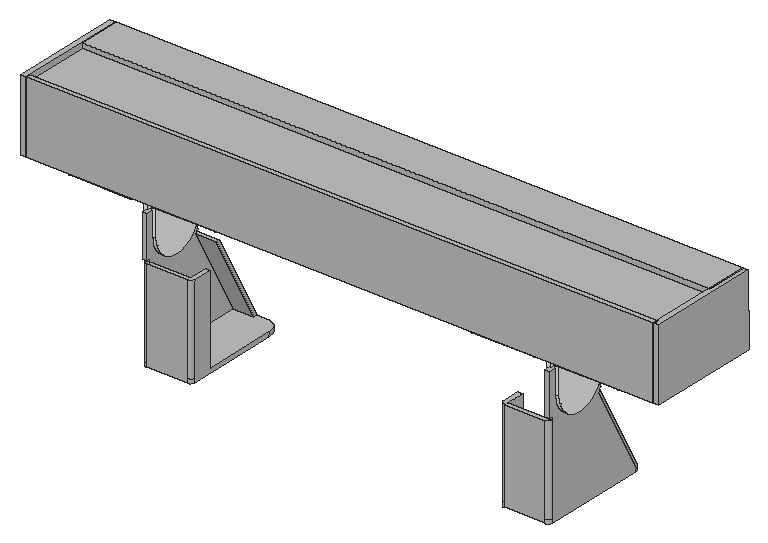
Revit family "4070744+4070747+4070771 Feilo Sylvania Lighting Fixtures CURSUS 306MM 207LM OVAL LED3K with SINGLE WALL HOUSING with 70MM WALL BRACKET", category Lighting Fixtures, host Face, Revit 2017
Family settings
  Host = Face
  Round Connector Dimension = Use Diameter
  Part Type = Normal
  OmniClass Number = 23.80.70.14
  OmniClass Title = Luminaries for External Lighting
  Cut with Voids When Loaded = Yes
  Light Source = No
  Shared = No
  Room Calculation Point = No
Parameters (values of type "4070744 CURSUS 306MM 207LM OVAL LED3K")
  Weight = "0.6 kg"
  Wattage Comments = "n/a"
  WarrantyStartDate [instance] = "n/a"
  WarrantyGuarantorParts = "n/a"
  WarrantyDurationUnit = "n/a"
  WarrantyDurationParts = "n/a"
  WarrantyDescription = "n/a"
  Voltage = 24 V
  URL = "http://www.sylvania-lighting.com"
  TypeName = "CURSUS 306MM 207LM OVAL LED3K"
  TypeFixture_FEILO = CURSUS with SINGLE WALL HOUSING : CURSUS 306MM 207LM OVAL LED3K
  Type Image = <None>
  Type Comments = "n/a"
  TiltAngle [instance] = 0.00°
  StartAngle [instance] = TiltAngle + 270.00°  # 270.00°
  SerialNumber [instance] = "n/a"
  ReflectorMaterial = none
  PowerFactor = 0
  PowerConsumption = "4.5 W"
  NominalLength = 306 mm
  NominalHeight = 50 mm
  NominalDepth = 30 mm
  Name = "CURSUS 306MM 207LM OVAL LED3K"
  ModelReference = Name  # "CURSUS 306MM 207LM OVAL LED3K"
  ModelNumber = "4070744"
  Model = Name  # "CURSUS 306MM 207LM OVAL LED3K"
  Material = "natural anodised extruded aluminium structure housing, optical system with pmma lenses diffuser"
  ManufacturerName = "Feilo Sylvania"
  Manufacturer = "Feilo Sylvania"
  LuminousEfficacy = "46 lm/W"
  LuminaireType = ""
  LightOutputRatio = "100"
  LampsType = Lamp  # "LED"
  LampNominalLuminous = "207 lm"
  LampMacAdamStep = "n/a"
  LampColourTemperature = "3000 K"
  LampColourRenderingIndex = "80"
  Lamp = "LED"
  Keynote = "16500"
  InstallationDate [instance] = "n/a"
  InputVoltage = "24V DC"
  InputNominalFrequency = "n/a"
  IngressProtection = "IP67"
  ImpactProtectionIndex = "IK07"
  IfcExportType = "IfcLightFixtureType"
  IfcExportAs = "IfcLightFixtureType"
  ExpectedLife = 50000
  EndAngle [instance] = StartAngle - 180.00°  # 90.00°
  ElectricShockClassification = "Class III"
  DurationUnit = "hours"
  DocumentationLiterature = "http://www.sylvania-lighting.com/product/en-int/products/4070744"
  DimmingControlOptions = "n/a"
  DiffuserMaterial = Diffuser-Sylvania-Glow
  Description = "LED Exterior Lighting Recessed Surface Mounted Linear Fixture, Natural anodised extruded aluminium structure. Die-cast aluminium end caps. Installation kit with harmonic steel springs., 207 lm, 4,5W, 46lm/W, 3000K, CRI80+,non dimmable,IP67, IK07, (HxWxD) 306x50x30mm, 3 step Mac Adam Ellipse, 0.6kg,, Classe III, 21-25V-DC, energy class : A++, A+, A"
  Default Elevation = 1219.2 mm
  CreatedOn = "1/8/2018"
  CreatedBy = ""
  Cost = 0
  built-in parameter 1114216 [instance] = (empty or 0)
  ClassificationValue = "EF_70_80"
  ClassificationName = "Uniclass2015"
  BracketWidth = 24 mm
  BracketThickness = 2 mm
  BracketHeightEnd = 32 mm
  BracketHeight = 55 mm
  BracketFlange = BracketHeight / 5  # 11 mm
  BracketExtension = 70 mm
  BracketEndReduction = 25 mm
  BracketC = 22 mm  # constant formula
  BracketDistance = 175 mm
  BracketD = BracketHeightEnd - (BracketC * (BracketHeight - BracketHeightEnd) / (BracketExtension - BracketEndReduction))  # 20.756 mm
  BodyMaterial = Body-Sylvania-Gray
  BarCode [instance] = "n/a"
  AssetType = "Fixed"
  AssetIdentifier [instance] = "n/a"
  Assembly Code = "D5020200"
  Apparent Load = 4.5 VA
  AccessoryMaterial = Diffuser-Sylvania-Glow
Reference planes
  plane 1 "Center (Front/Back)": y = 0
  plane 2: z = 0
  plane 3 "Center (Left/Right)": x = 0
  plane 4: x = -99.5
  plane 5: x = 99.5
  plane 6: y = 55
  plane 7: x = -75.5
  plane 8: x = 75.5
  plane 9: z = 70
  plane 10: z = 56
  plane 11: z = 2
  plane 12: z = 45
  plane 13: x = -97.5
  plane 14: y = 53
  plane 15: y = 2
  plane 16: x = -77.5
  plane 17: x = 77.5
  plane 18: x = 97.5
  plane 19: x = -87.5
  plane 20: x = 87.5
  plane 21: y = 11
  plane 22: y = 32
  plane 23: y = 30
  plane 24: z = 67
  plane 25: y = 20.756
  plane 26: y = 16
Forms (mm)
  Blend 1, solid, material "Body-Sylvania-Gray" <- "BodyMaterial"
    base sketch origin (1223.4, -4572, 2) x (0, -1, 0) y (1, 0, 0)
      loop
        line (-4625, -1310.9) -> (-4627, -1310.9) -> (-4627, -1320.9)
        arc (-4627, -1320.9) -> (-4626.414, -1322.314) -> (-4625, -1322.9) r 2
        line (-4625, -1322.9) -> (-4574, -1322.9)
        arc (-4574, -1322.9) -> (-4572.586, -1322.314) -> (-4572, -1320.9) r 2
        line (-4572, -1320.9) -> (-4572, -1300.9)
        arc (-4572, -1300.9) -> (-4572.586, -1299.486) -> (-4574, -1298.9) r 2
        line (-4574, -1298.9) -> (-4583, -1298.9) -> (-4583, -1300.9) -> (-4574, -1300.9) -> (-4574, -1320.9) -> (-4625, -1320.9) -> (-4625, -1310.9)
    top sketch origin (1223.4, -4572, 2) x (0, -1, 0) y (1, 0, 0)
      loop
        line (-4583, -1300.9) -> (-4574, -1300.9) -> (-4574, -1320.9) -> (-4602, -1320.9) -> (-4602, -1310.9) -> (-4604, -1310.9) -> (-4604, -1320.9)
        arc (-4604, -1320.9) -> (-4603.52, -1322.21) -> (-4602.309, -1322.9) r 2.028
        line (-4602.309, -1322.9) -> (-4574, -1322.9)
        arc (-4574, -1322.9) -> (-4572.586, -1322.314) -> (-4572, -1320.9) r 2
        line (-4572, -1320.9) -> (-4572, -1300.9)
        arc (-4572, -1300.9) -> (-4572.586, -1299.486) -> (-4574, -1298.9) r 2
        line (-4574, -1298.9) -> (-4583, -1298.9) -> (-4583, -1300.9)
    from 0 to 43
  Extrusion 2, solid, material "Body-Sylvania-Gray" <- "BodyMaterial"
    sketch origin (0, 0, 0) x (1, 0, 0) y (0, 1, 0)
      loop
        arc (-97.5, 55) -> (-98.914, 54.414) -> (-99.5, 53) r 2
        line (-99.5, 53) -> (-99.5, 2)
        arc (-99.5, 2) -> (-98.914, 0.586) -> (-97.5, 0) r 2
        line (-97.5, 0) -> (-77.5, 0)
        arc (-77.5, 0) -> (-76.086, 0.586) -> (-75.5, 2) r 2
        line (-75.5, 2) -> (-75.5, 47.5)
        arc (-75.5, 47.5) -> (-77.697, 52.803) -> (-83, 55) r 7.5
        line (-83, 55) -> (-97.5, 55)
      loop
        line (97.5, 55) -> (83, 55)
        arc (83, 55) -> (77.697, 52.803) -> (75.5, 47.5) r 7.5
        line (75.5, 47.5) -> (75.5, 2)
        arc (75.5, 2) -> (76.086, 0.586) -> (77.5, 0) r 2
        line (77.5, 0) -> (97.5, 0)
        arc (97.5, 0) -> (98.914, 0.586) -> (99.5, 2) r 2
        line (99.5, 2) -> (99.5, 53)
        arc (99.5, 53) -> (98.914, 54.414) -> (97.5, 55) r 2
    from 0 to 2
  Blend 3, solid, material "Body-Sylvania-Gray" <- "BodyMaterial"
    base sketch origin (1223.4, -4572, 2) x (0, -1, 0) y (1, 0, 0)
      loop
        line (-4625, -1125.9) -> (-4574, -1125.9) -> (-4574, -1145.9) -> (-4583, -1145.9) -> (-4583, -1147.9) -> (-4574, -1147.9)
        arc (-4574, -1147.9) -> (-4572.586, -1147.314) -> (-4572, -1145.9) r 2
        line (-4572, -1145.9) -> (-4572, -1125.9)
        arc (-4572, -1125.9) -> (-4572.586, -1124.486) -> (-4574, -1123.9) r 2
        line (-4574, -1123.9) -> (-4625, -1123.9)
        arc (-4625, -1123.9) -> (-4626.414, -1124.486) -> (-4627, -1125.9) r 2
        line (-4627, -1125.9) -> (-4627, -1135.9) -> (-4625, -1135.9) -> (-4625, -1125.9)
    top sketch origin (1223.4, -4572, 2) x (0, -1, 0) y (1, 0, 0)
      loop
        line (-4602, -1135.9) -> (-4602, -1125.9) -> (-4574, -1125.9) -> (-4574, -1145.9) -> (-4583, -1145.9) -> (-4583, -1147.9) -> (-4574, -1147.9)
        arc (-4574, -1147.9) -> (-4572.586, -1147.314) -> (-4572, -1145.9) r 2
        line (-4572, -1145.9) -> (-4572, -1125.9)
        arc (-4572, -1125.9) -> (-4572.586, -1124.486) -> (-4574, -1123.9) r 2
        line (-4574, -1123.9) -> (-4602, -1123.9)
        arc (-4602, -1123.9) -> (-4603.414, -1124.486) -> (-4604, -1125.9) r 2
        line (-4604, -1125.9) -> (-4604, -1135.9) -> (-4602, -1135.9)
    from 0 to 43
  Blend 4, solid, material "Body-Sylvania-Gray" <- "BodyMaterial"
    base sketch origin (1223.4, -4572, 45) x (0, -1, 0) y (1, 0, 0)
      loop
        line (-4604, -1322.9) -> (-4572, -1322.9) -> (-4572, -1320.9) -> (-4604, -1320.9) -> (-4604, -1322.9)
    top sketch origin (1223.4, -4572, 45) x (0, -1, 0) y (1, 0, 0)
      loop
        line (-4572, -1322.9) -> (-4572, -1320.9) -> (-4592.756, -1320.9) -> (-4592.756, -1322.9) -> (-4572, -1322.9)
    from 0 to 22
  Blend 5, solid, material "Body-Sylvania-Gray" <- "BodyMaterial"
    base sketch origin (1223.4, -4572, 45) x (0, -1, 0) y (1, 0, 0)
      loop
        line (-4604, -1125.9) -> (-4572, -1125.9) -> (-4572, -1123.9) -> (-4604, -1123.9) -> (-4604, -1125.9)
    top sketch origin (1223.4, -4572, 45) x (0, -1, 0) y (1, 0, 0)
      loop
        line (-4572, -1123.9) -> (-4592.756, -1123.9) -> (-4592.756, -1125.9) -> (-4572, -1125.9) -> (-4572, -1123.9)
    from 0 to 22
  Extrusion 6, void
    sketch origin (0, 0, 0) x (0, 1, 0) y (0, 0, 1)
      loop
        line (0, 45) -> (2, 45) -> (2, 46.5) -> (0, 46.5) -> (0, 45)
      loop
        line (32, 45) -> (32, 46.5) -> (30, 46.5) -> (30, 45) -> (32, 45)
    from -99.5 to 99.5
  Revolve 7, solid, not visible
    sketch origin (1524, 16, 1219.2) x (1, 0, 0) y (0, 0, 1)
      loop
        line (-1524, -1152.2) -> (-1524, -1163.2) -> (-1436.5, -1163.2) -> (-1436.5, -1152.2) -> (-1524, -1152.2)
      axis (-1436.5, -1163.2) -> (-1524, -1163.2)
    angle from 270 <- "StartAngle" to 90 <- "EndAngle"
Cuts and joins
  Extrusion 6 cuts Blend 4
  Extrusion 6 cuts Blend 5
  joined: Blend 1, Extrusion 2, Blend 3, Blend 4, Blend 5
Lines and regions (mm)
  reference lines, not visible
    curve 1: line (-75.5, 16, 56) -> (75.5, 16, 56)
Dimensions and locks
  equal spacing: plane 4, plane 3 "Center (Left/Right)", plane 5
  "BracketDistance": plane 19 to plane 20
  "BracketHeight": plane 1 "Center (Front/Back)" to plane 6
  equal spacing: plane 7, plane 3 "Center (Left/Right)", plane 8
  "BracketWidth": plane 4 to plane 7
  "BracketExtension": plane 9 to plane 2
  "BracketThickness": plane 11 to plane 2
  "BracketEndReduction": plane 9 to plane 12
  equal spacing: plane 13, plane 3 "Center (Left/Right)", plane 18
  equal spacing: plane 16, plane 3 "Center (Left/Right)", plane 17
  "BracketThickness": plane 4 to plane 13
  "BracketThickness": plane 16 to plane 7
  "BracketThickness": plane 14 to plane 6
  "BracketThickness": plane 1 "Center (Front/Back)" to plane 15
  equal spacing: plane 4, plane 19, plane 7
  equal spacing: plane 8, plane 20, plane 5
  "BracketFlange": plane 1 "Center (Front/Back)" to plane 21
  "BracketHeightEnd": plane 1 "Center (Front/Back)" to plane 22
  "BracketThickness": plane 23 to plane 22
  locked: Extrusion 2 sketch curve to plane 7 at 7.5
  locked: Extrusion 2 sketch curve to plane 6 at 7.5  (x2)
  locked: plane 8 to Extrusion 2 sketch curve at 7.5
  "BracketC": plane 24 to plane 12
  "BracketD": plane 1 "Center (Front/Back)" to plane 25
  locked: plane 12 to Extrusion 6 sketch curve at 1.5
  equal spacing: plane 24, plane 10, plane 12
  equal spacing: plane 1 "Center (Front/Back)", plane 26, plane 22
  aligned and locked: plane 2 to host face
  aligned and locked: level to host face
  aligned and locked: plane 4 to Blend 1 sketch curve  (x2)
  aligned and locked: plane 13 to Blend 1 sketch curve  (x3)
  aligned and locked: Blend 1 sketch curve to plane 15
  aligned and locked: Blend 1 sketch curve to plane 16
  aligned and locked: Blend 1 sketch curve to plane 21
  aligned and locked: plane 7 to Blend 1 sketch curve
  aligned and locked: plane 16 to Blend 1 sketch curve
  aligned and locked: plane 1 "Center (Front/Back)" to Blend 1 sketch curve
  aligned and locked: plane 14 to Blend 1 sketch curve
  aligned and locked: Blend 1 sketch curve to var sketch  (x6)
  aligned and locked: Blend 1 sketch curve to plane 19
  aligned and locked: Blend 1 sketch curve to plane 22
  aligned and locked: plane 23 to Blend 1 sketch curve
  aligned and locked: plane 11 to Blend 1
  aligned and locked: Extrusion 2 sketch curve to Blend 1  (x3)
  aligned and locked: Extrusion 2 to level
  aligned and locked: Extrusion 2 to plane 11
  aligned and locked: Extrusion 2 sketch curve to plane 7
  aligned and locked: plane 18 to Blend 3 sketch curve  (x4)
  aligned and locked: plane 14 to Blend 3 sketch curve  (x2)
  aligned and locked: Blend 3 sketch curve to plane 20
  aligned and locked: Blend 3 sketch curve to plane 6
  aligned and locked: plane 5 to Blend 3 sketch curve
  aligned and locked: plane 1 "Center (Front/Back)" to Blend 3 sketch curve
  aligned and locked: plane 15 to Blend 3 sketch curve  (x2)
  aligned and locked: Blend 3 sketch curve to plane 8
  aligned and locked: Blend 3 sketch curve to plane 21
  aligned and locked: plane 17 to Blend 3 sketch curve
  aligned and locked: Blend 3 sketch curve to plane 18
  aligned and locked: plane 20 to Blend 3 sketch curve  (x2)
  aligned and locked: Blend 3 sketch curve to plane 23
  aligned and locked: Blend 3 sketch curve to var sketch  (x8)
  aligned and locked: var sketch to Blend 3 sketch curve
  aligned and locked: plane 22 to Blend 3 sketch curve
  aligned and locked: plane 11 to Blend 3
  aligned and locked: Extrusion 2 sketch curve to Blend 3  (x4)
  aligned and locked: Blend 1 to plane 12
  aligned and locked: Blend 3 to plane 12
  aligned and locked: Blend 4 sketch curve to plane 22
  aligned and locked: Blend 4 sketch curve to cut or joined group of Blend 1, Extrusion 2, Blend 3, Blend 4, Blend 5, Extrusion 6  (x2)
  aligned and locked: cut or joined group of Blend 1, Extrusion 2, Blend 3, Blend 4, Blend 5, Extrusion 6 to Blend 4 sketch curve
  aligned and locked: Blend 4 sketch curve to var sketch  (x2)
  aligned and locked: Blend 4 sketch curve to plane 13
  aligned and locked: Blend 4 to plane 24
  aligned and locked: Blend 4 sketch curve to plane 25
  aligned and locked: Blend 5 sketch curve to plane 18  (x2)
  aligned and locked: plane 1 "Center (Front/Back)" to Blend 5 sketch curve
  aligned and locked: plane 5 to Blend 5 sketch curve
  aligned and locked: plane 22 to Blend 5 sketch curve
  aligned and locked: Blend 5 sketch curve to var sketch
  aligned and locked: var sketch to Blend 5 sketch curve
  aligned and locked: Blend 5 sketch curve to plane 25
  aligned and locked: Blend 5 to plane 24
  aligned and locked: plane 12 to Blend 5
  aligned and locked: Extrusion 6 sketch curve to cut or joined group of Blend 1, Extrusion 2, Blend 3, Blend 4, Blend 5, Extrusion 6  (x2)
  aligned and locked: Extrusion 6 sketch curve to Extrusion 6 sketch curve
  aligned and locked: Extrusion 6 sketch curve to plane 15
  aligned and locked: plane 5 to Extrusion 6
  aligned and locked: Extrusion 6 to plane 4
  aligned and locked: Extrusion 6 sketch curve to plane 23
  aligned and locked: Revolve 7 sketch curve to plane 10  (x2)
  aligned and locked: plane 24 to Revolve 7 sketch curve
  aligned and locked: plane 3 "Center (Left/Right)" to Revolve 7 sketch curve
  aligned and locked: Revolve 7 sketch curve to plane 20
  aligned and locked: plane 7 to curve 1
  aligned and locked: plane 10 to curve 1
  aligned and locked: nested 1 to plane 5
  aligned and locked: nested 2 to plane 4
  aligned and locked: nested 1 to curve 1
  aligned and locked: nested 2 to curve 1
  aligned and locked: nested 1 to nested 3
  aligned and locked: nested 3 to plane 3 "Center (Left/Right)"
Automatic sketch dimensions
  host sketch curve to host sketch curve = 2438.4 mm  (x2)
  Blend 1 sketch curve to plane 13 = 0 mm
  plane 15 to Blend 1 sketch curve = 0 mm  (x3)
  Blend 1 sketch curve to plane 23 = 0.309 mm
  plane 6 to Blend 1 sketch curve = 0 mm
  plane 14 to Blend 1 sketch curve = 0 mm
  Blend 1 sketch curve to plane 19 = 0 mm
  Blend 3 sketch curve to plane 17 = 0 mm
  Extrusion 6 sketch curve to plane 1 "Center (Front/Back)" = 0 mm
  plane 12 to Extrusion 6 sketch curve = 0 mm
  Revolve 7 sketch curve to plane 4 = 1153 mm
  plane 5 to Revolve 7 sketch curve = 1161.4 mm
  curve 1 to plane 8 = 0 mm
Nested families
  nested 1: "MountingPlate" at (98.5, 16, 56) x (-1, 0, 0) z (0, 0, 1), type "MountingPlate"
  nested 2: "MountingPlate" at (-98.5, 16, 56) x (-1, 0, 0) z (0, 0, 1), type "MountingPlate"
  nested 3: "CURSUS with SINGLE WALL HOUSING" at (0, -4, 74) x (-1, 0, 0) z (0, 0, 1), type <- "TypeFixture_FEILO", type "CURSUS 306MM 207LM OVAL LED3K"
    with WarrantyStartDate "n/a", SerialNumber "n/a", InstallationDate "n/a", EndCapRight yes, EndCapLeft yes, built-in parameter 1114216 (empty or 0), BarCode "n/a", AssetIdentifier "n/a"
Connectors
  electrical at (0, 0, 0), driven by "Voltage", driven by "Apparent Load", driven by "PowerFactor"
    settings: index 1, voltage 24 V, apparent load 4.5 VA, apparent load phase1 0 VA, apparent load phase2 0 VA, apparent load phase3 0 VA, power factor 0, load classification "Other", number of poles 1, system type 30, power factor state 1, is connector primary yes, connector utility no, sub classification motor no, connector description ""
Definition of nested family "MountingPlate"
  Parameters (values of type "MountingPlate")
    URL = "http://www.feilosylvania.com"
    Type Comments = "n/a"
    ReflectorMaterial = none
    MountingPlateWidth = 76 mm
    MountingPlateThickness = 2 mm
    MountingPlateRadiusBack = 12 mm
    MountingPlateRadius = 3 mm
    MountingPlateHeight = 35 mm
    Model = "n/a"
    Manufacturer = "Feilo Sylvania"
    Keynote = "n/a"
    DiffuserMaterial = none
    Description = "n/a"
    Default Elevation = 1219.2 mm
    Cost = 0
    BodyMaterial = none
    Assembly Code = "n/a"
    AccessoryMaterial = none
  Reference planes
    plane 1 "Center (Front/Back)": y = 0
    plane 2: z = 0
    plane 3 "Center (Left/Right)": x = 0
    plane 4: x = -38
    plane 5: x = 38
    plane 6: y = 17.5
    plane 7: y = -17.5
    plane 8: x = -3
    plane 9: x = 3
    plane 10: z = 18
    plane 11: z = 16
    plane 12: y = 12.5
    plane 13: y = -12.5
    plane 14: x = -1
    plane 15: x = 1
    plane 16: z = -12.5
    plane 17: z = -14.5
  Forms (mm)
    Extrusion 1, solid
      sketch origin (1.653, 0, 0) x (1, 0, 0) y (0, 1, 0)
        loop
          line (-1219.2, 1219.2) -> (-1219.2, -1219.2) -> (1219.2, -1219.2) -> (1219.2, 1219.2) -> (-1219.2, 1219.2)
      from 0 to -304.8
    Extrusion 2, solid, material <- "BodyMaterial"
      sketch origin (1218.4, -4572, 16) x (0, -1, 0) y (-1, 0, 0)
        loop
          line (-4589.5, 1253.4) -> (-4589.5, 1224.4)
          arc (-4589.5, 1224.4) -> (-4588.621, 1222.279) -> (-4586.5, 1221.4) r 3
          line (-4586.5, 1221.4) -> (-4557.5, 1221.4)
          arc (-4557.5, 1221.4) -> (-4555.379, 1222.279) -> (-4554.5, 1224.4) r 3
          line (-4554.5, 1224.4) -> (-4554.5, 1253.4)
          arc (-4554.5, 1253.4) -> (-4555.379, 1255.521) -> (-4557.5, 1256.4) r 3
          line (-4557.5, 1256.4) -> (-4586.5, 1256.4)
          arc (-4586.5, 1256.4) -> (-4588.621, 1255.521) -> (-4589.5, 1253.4) r 3
        loop
          arc (-4589.5, 1183.4) -> (-4588.621, 1181.279) -> (-4586.5, 1180.4) r 3
          line (-4586.5, 1180.4) -> (-4557.5, 1180.4)
          arc (-4557.5, 1180.4) -> (-4555.379, 1181.279) -> (-4554.5, 1183.4) r 3
          line (-4554.5, 1183.4) -> (-4554.5, 1212.4)
          arc (-4554.5, 1212.4) -> (-4555.379, 1214.521) -> (-4557.5, 1215.4) r 3
          line (-4557.5, 1215.4) -> (-4586.5, 1215.4)
          arc (-4586.5, 1215.4) -> (-4588.621, 1214.521) -> (-4589.5, 1212.4) r 3
          line (-4589.5, 1212.4) -> (-4589.5, 1183.4)
      from 0 to -2
    Extrusion 3, solid, material <- "BodyMaterial"
      sketch origin (0, 0, 0) x (1, 0, 0) y (0, 0, 1)
        loop
          line (-3, 18) -> (-3, -12.5) -> (-1, -12.5) -> (-1, 16)
          arc (-1, 16) -> (-1.586, 17.414) -> (-3, 18) r 2
        loop
          line (3, -12.5) -> (3, 18)
          arc (3, 18) -> (1.586, 17.414) -> (1, 16) r 2
          line (1, 16) -> (1, -12.5) -> (3, -12.5)
      from -12.5 to 12.5
    Extrusion 4, void
      sketch origin (0, 0, 0) x (0, 1, 0) y (0, 0, 1)
        loop
          line (-12.5, -0.5) -> (-17.5, -0.5) -> (-17.5, -14.5) -> (-0.5, -14.5) -> (-0.5, -12.5)
          arc (-0.5, -12.5) -> (-8.985, -8.985) -> (-12.5, -0.5) r 12
        loop
          line (0.5, -12.5) -> (0.5, -14.5) -> (17.5, -14.5) -> (17.5, -0.5) -> (12.5, -0.5)
          arc (12.5, -0.5) -> (8.985, -8.985) -> (0.5, -12.5) r 12
      from -3 to 3
  Cuts and joins
    Extrusion 4 cuts Extrusion 2
    Extrusion 4 cuts Extrusion 3
    joined: Extrusion 2, Extrusion 3
  Lines and regions (mm)
    reference lines
      curve 1: line (-38, 0, 0) -> (38, 0, 0)
  Dimensions and locks
    equal spacing: plane 4, plane 3 "Center (Left/Right)", plane 5
    "MountingPlateWidth": plane 4 to plane 5
    equal spacing: plane 7, plane 1 "Center (Front/Back)", plane 6
    "MountingPlateHeight": plane 7 to plane 6
    equal spacing: plane 8, plane 3 "Center (Left/Right)", plane 9
    "MountingPlateHeight": plane 4 to plane 8
    locked: plane 10 to plane 2 at 18
    "MountingPlateThickness": plane 10 to plane 11
    equal spacing: plane 13, plane 1 "Center (Front/Back)", plane 12
    locked: plane 13 to plane 12 at 25
    "MountingPlateRadius": plane 4 to Extrusion 2 sketch curve  (x2)
    "MountingPlateRadius": Extrusion 2 sketch curve to plane 6  (x4)
    "MountingPlateRadius": Extrusion 2 sketch curve to plane 8  (x2)
    "MountingPlateRadius": plane 7 to Extrusion 2 sketch curve  (x4)
    "MountingPlateRadius": plane 9 to Extrusion 2 sketch curve  (x2)
    "MountingPlateRadius": Extrusion 2 sketch curve to plane 5  (x2)
    equal spacing: plane 15, plane 3 "Center (Left/Right)", plane 14
    "MountingPlateThickness": plane 14 to plane 8
    locked: plane 2 to plane 16 at 12.5
    locked: plane 17 to plane 16 at 2
    "MountingPlateRadiusBack": plane 13 to Extrusion 4 sketch curve
    "MountingPlateRadiusBack": plane 16 to Extrusion 4 sketch curve  (x2)
    "MountingPlateRadiusBack": Extrusion 4 sketch curve to plane 12
    aligned and locked: plane 2 to Extrusion 1
    aligned and locked: level to Extrusion 1
    aligned and locked: Extrusion 2 sketch curve to plane 6
    aligned and locked: Extrusion 2 sketch curve to plane 4
    aligned and locked: plane 7 to Extrusion 2 sketch curve
    aligned and locked: plane 8 to Extrusion 2 sketch curve
    aligned and locked: plane 6 to Extrusion 2 sketch curve
    aligned and locked: Extrusion 2 sketch curve to plane 5
    aligned and locked: Extrusion 2 sketch curve to plane 7
    aligned and locked: plane 9 to Extrusion 2 sketch curve
    aligned and locked: Extrusion 2 to plane 10
    aligned and locked: plane 11 to Extrusion 2
    aligned and locked: Extrusion 3 sketch curve to Extrusion 2  (x2)
    aligned and locked: plane 16 to Extrusion 3 sketch curve  (x2)
    aligned and locked: plane 14 to Extrusion 3 sketch curve
    aligned and locked: plane 9 to Extrusion 3 sketch curve
    aligned and locked: plane 15 to Extrusion 3 sketch curve
    aligned and locked: Extrusion 3 to plane 12
    aligned and locked: plane 13 to Extrusion 3
    aligned and locked: plane 17 to Extrusion 4 sketch curve  (x2)
    aligned and locked: Extrusion 4 sketch curve to plane 7
    aligned and locked: Extrusion 4 sketch curve to plane 6
    aligned and locked: plane 9 to Extrusion 4
    aligned and locked: Extrusion 4 to plane 8
    aligned and locked: plane 4 to curve 1
    aligned and locked: curve 1 to level
  Automatic sketch dimensions
    Extrusion 1 sketch curve to Extrusion 1 sketch curve = 2438.4 mm  (x2)
    Extrusion 3 sketch curve to plane 11 = 0 mm
    curve 1 to plane 5 = 0 mm
    Extrusion 4 sketch curve to plane 13 = 0 mm
    Extrusion 4 sketch curve to plane 12 = 0 mm
Definition of nested family "CURSUS with SINGLE WALL HOUSING"
  Parameters (values of type "CURSUS 1161MM 827LM OVAL LED 3K")
    Width_FEILO = 35 mm
    Weight = "2.2 kg"
    Wattage Comments = "n/a"
    Wattage = 18 W
    WarrantyStartDate [instance] = "n/a"
    WarrantyGuarantorParts = "n/a"
    WarrantyDurationUnit = "n/a"
    WarrantyDurationParts = "n/a"
    WarrantyDescription = "n/a"
    WallThickness_FEILO = 2.5 mm
    built-in parameter 1150110 = 1 (stored number, unit not read)
    Voltage = 24 V
    URL = "http://www.feilosylvania.com"
    TypeName = "CURSUS 1161MM 827LM OVAL LED 3K"
    Type Image = (empty or 0)
    Type Comments = "n/a"
    built-in parameter 1114217 = 1 (stored number, unit not read)
    Tilt Angle = -90.00°
    built-in parameter 1150109 = 1 (stored number, unit not read)
    built-in parameter 1150134 = (empty or 0)
    built-in parameter 1150113 = 1 (stored number, unit not read)
    SerialNumber [instance] = "n/a"
    ReflectorMaterial = none
    PowerFactor = 0
    PowerConsumption = "18 W"
    Photometric Web File = "4070765.ies"
    NominalLength = 1161 mm
    NominalHeight = 50 mm
    NominalDepth = 30 mm
    Name = "CURSUS 1161MM 827LM OVAL LED 3K"
    ModelReference = Name  # "CURSUS 1161MM 827LM OVAL LED 3K"
    ModelNumber = ""
    Model = Name  # "CURSUS 1161MM 827LM OVAL LED 3K"
    Material = "natural anodised extruded aluminium structure housing, optical system with pmma lenses diffuser"
    ManufacturerName = "Feilo Sylvania"
    Manufacturer = "Feilo Sylvania"
    LuminousEfficacy = "45.94 lm/W"
    built-in parameter 1150105 = 1166.5 (stored number, unit not read)
    Lumens = 827 lm
    LuminaireType = ""
    built-in parameter 1150115 = 1 (stored number, unit not read)
    LightOutputRatio = "100"
    built-in parameter 1150137 = (empty or 0)
    built-in parameter 1150139 = (empty or 0)
    Length_FEILO = 1167 mm
    LampsType = Lamp  # "LED"
    LampNominalLuminous = "827 lm"
    LampMacAdamStep = "n/a"
    LampColourTemperature = "3000 K"
    LampColourRenderingIndex = "80"
    built-in parameter 1150112 = 1 (stored number, unit not read)
    built-in parameter 1150114 = 1 (stored number, unit not read)
    Lamp = "LED"
    Keynote = "16500"
    InstallationDate [instance] = "n/a"
    InputVoltage = "24V DC"
    InputNominalFrequency = "n/a"
    built-in parameter 1150132 = (empty or 0)
    built-in parameter 1150102 = (empty or 0)
    built-in parameter 1150107 = 3000 (stored number, unit not read)
    built-in parameter 1150138 = (empty or 0)
    IngressProtection = "IP67"
    ImpactProtectionIndex = "IK07"
    built-in parameter 1150106 = 11.665 (stored number, unit not read)
    IfcExportType = "IfcLightFixtureType"
    IfcExportAs = "IfcLightFixtureType"
    ExpectedLife = 50000
    EndCapRight [instance] = yes
    EndCapLeft [instance] = yes
    Emit from Rectangle Width = Width_FEILO - WallThickness_FEILO * 2  # 30 mm
    Emit from Rectangle Length = Length_FEILO - WallThickness_FEILO * 2  # 1162 mm
    Emit Shape Visible in Rendering = no
    ElectricShockClassification = "Class III"
    built-in parameter 1150104 = 4.2684 (stored number, unit not read)
    DurationUnit = "hours"
    DocumentationLiterature = "http://www.feilosylvania.com/product/en-int/products/4070765"
    DimmingControlOptions = "n/a"
    Dimming Lamp Color Temperature Shift = (empty or 0)
    DiffuserMaterial = none
    Description = "LED Exterior Lighting Recessed Surface Mounted Linear Fixture, Natural anodised extruded aluminium structure. Die-cast aluminium end caps. Installation kit with harmonic steel springs., 827 lm, 18W, 45lm/W, 3000K, CRI80+,non dimmable,IP67, IK07, (HxWxD) 1161x50x30mm, 3 step Mac Adam Ellipse, 2.2kg,, Classe III, 21-25V-DC, energy class : A++, A+, A"
    Default Elevation = 1219.2 mm
    CreatedOn = "1/8/2018"
    CreatedBy = "aron.fodor@feilosylvania.com"
    Cost = 0
    Color Filter = 16777215
    built-in parameter 1114216 [instance] = (empty or 0)
    ClassificationValue = "EF_70_80"
    ClassificationName = "Uniclass2015"
    BodyMaterial = none
    BarCode [instance] = "n/a"
    built-in parameter 1114218 = 1 (stored number, unit not read)
    built-in parameter 1150133 = 10 (stored number, unit not read)
    AssetType = "Fixed"
    AssetIdentifier [instance] = "n/a"
    Assembly Code = "D5020200"
    Apparent Load = 18 VA
    AccessoryMaterial = none
  Types (16, lengths in mm): name | Weight | Wattage | Voltage | TypeName | built-in parameter 1150134 | PowerConsumption | Photometric Web File | NominalLength | Name | ModelReference | Model | Material | LuminousEfficacy | built-in parameter 1150105 | Lumens | Length_FEILO | LampNominalLuminous | LampColourTemperature | InputVoltage | InputNominalFrequency | built-in parameter 1150107 | built-in parameter 1150106 | Emit from Rectangle Length | built-in parameter 1150104 | DocumentationLiterature | Description | Apparent Load
    CURSUS 1161MM 827LM OVAL LED 3K | "2.2 kg" | 18 W | 24 V | "CURSUS 1161MM 827LM OVAL LED 3K" | (empty or 0) | "18 W" | "4070765.ies" | 1161 | "CURSUS 1161MM 827LM OVAL LED 3K" | "CURSUS 1161MM 827LM OVAL LED 3K" | "CURSUS 1161MM 827LM OVAL LED 3K" | "natural anodised extruded aluminium structure housing, optical system with pmma lenses diffuser" | "45.94 lm/W" | 1166.5 (stored number, unit not read) | 827 lm | 1167 | "827 lm" | "3000 K" | "24V DC" | "n/a" | 3000 (stored number, unit not read) | 11.665 (stored number, unit not read) | 1162 | 4.2684 (stored number, unit not read) | "http://www.feilosylvania.com/product/en-int/products/4070765" | "LED Exterior Lighting Recessed Surface Mounted Linear Fixture, Natural anodised extruded aluminium structure. Die-cast aluminium end caps. Installation kit with harmonic steel springs., 827 lm, 18W, 45lm/W, 3000K, CRI80+,non dimmable,IP67, IK07, (HxWxD) 1161x50x30mm, 3 step Mac Adam Ellipse, 2.2kg,, Classe III, 21-25V-DC, energy class : A++, A+, A" | 18 VA
    CURSUS 1161MM 731LM WIDE LED 3K | "2.2 kg" | 18 W | 230 V | "CURSUS 1161MM 731LM WIDE LED 3K" | (empty or 0) | "18 W" | "4070764.ies" | 1161 | "CURSUS 1161MM 731LM WIDE LED 3K" | "CURSUS 1161MM 731LM WIDE LED 3K" | "CURSUS 1161MM 731LM WIDE LED 3K" | "natural anodised extruded aluminium structure housing" | "40.61 lm/W" | 403.47 (stored number, unit not read) | 731 lm | 1167 | "731 lm" | "3000 K" | "220-240V~" | "n/a" | 3000 (stored number, unit not read) | 4.0347 (stored number, unit not read) | 1162 | 3.7729 (stored number, unit not read) | "http://www.feilosylvania.com/product/en-int/products/4070764" | "LED Exterior Lighting Recessed Surface Mounted Linear Fixture, Natural anodised extruded aluminium structure. Die-cast aluminium end caps. Installation kit with harmonic steel springs., 731 lm, 18W, 40lm/W, 3000K, CRI80+,non dimmable,IP67, IK07, (HxWxD) 1161x50x30mm, 3 step Mac Adam Ellipse, 2.2kg,, Classe III, 21-25V-DC, energy class : A++, A+, A" | 18 VA
    CURSUS 1161MM 871LM OVAL LED 4K | "2.2 kg" | 18 W | 24 V | "CURSUS 1161MM 871LM OVAL LED 4K" | 12 | "18 W" | "4070763.ies" | 1161 | "CURSUS 1161MM 871LM OVAL LED 4K" | "CURSUS 1161MM 871LM OVAL LED 4K" | "CURSUS 1161MM 871LM OVAL LED 4K" | "natural anodised extruded aluminium structure housing, optical system with pmma lenses diffuser" | "48.38 lm/W" | 1192.8 (stored number, unit not read) | 871 lm | 1167 | "871 lm" | "4000 K" | "24V DC" | "50/60 Hz" | 4000 (stored number, unit not read) | 11.928 (stored number, unit not read) | 1162 | 4.4955 (stored number, unit not read) | "http://www.feilosylvania.com/product/en-int/products/4070763" | "LED Exterior Lighting Recessed Surface Mounted Linear Fixture, Natural anodised extruded aluminium structure. Die-cast aluminium end caps. Installation kit with harmonic steel springs., 871 lm, 18W,  48lm/W, 4000K, CRI80+,non dimmable,IP67, IK07, (HxWxD) 1161x50x30mm, 3 step Mac Adam Ellipse, 2.2kg,, Classe III, 21-25V-DC, energy class : A++, A+, A" | 18 VA
    CURSUS 1161MM 770LM WIDE LED 4K | "2.2 kg" | 18 W | 230 V | "CURSUS 1161MM 770LM WIDE LED 4K" | 12 | "18 W" | "4070762.ies" | 1161 | "CURSUS 1161MM 770LM WIDE LED 4K" | "CURSUS 1161MM 770LM WIDE LED 4K" | "CURSUS 1161MM 770LM WIDE LED 4K" | "natural anodised extruded aluminium structure housing" | "42.77 lm/W" | 424.94 (stored number, unit not read) | 770 lm | 1167 | "770 lm" | "4000 K" | "220-240V~" | "n/a" | 4000 (stored number, unit not read) | 4.2494 (stored number, unit not read) | 1162 | 3.9742 (stored number, unit not read) | "http://www.feilosylvania.com/product/en-int/products/4070762" | "LED Exterior Lighting Recessed Surface Mounted Linear Fixture, Natural anodised extruded aluminium structure. Die-cast aluminium end caps. Installation kit with harmonic steel springs., 770 lm, 18W,  42lm/W, 4000K, CRI80+,non dimmable,IP67, IK07, (HxWxD) 1161x50x30mm, 3 step Mac Adam Ellipse, 2.2kg,, Classe III, 21-25V-DC, energy class : A++, A+, A" | 18 VA
    CURSUS 876MM 620LM OVAL LED 3K | "1.7 kg" | 13.5 W | 24 V | "CURSUS 876MM 620LM OVAL LED 3K" | (empty or 0) | "13.5 W" | "4070758.ies" | 876 | "CURSUS 876MM 620LM OVAL LED 3K" | "CURSUS 876MM 620LM OVAL LED 3K" | "CURSUS 876MM 620LM OVAL LED 3K" | "natural anodised extruded aluminium structure housing, optical system with pmma lenses diffuser" | "45.92 lm/W" | 874.55 (stored number, unit not read) | 620 lm | 882 | "620 lm" | "3000 K" | "24V DC" | "50/60 Hz" | 3000 (stored number, unit not read) | 8.7455 (stored number, unit not read) | 877 | 4.2667 (stored number, unit not read) | "http://www.feilosylvania.com/product/en-int/products/4070758" | "LED Exterior Lighting Recessed Surface Mounted Linear Fixture, Natural anodised extruded aluminium structure. Die-cast aluminium end caps. Installation kit with harmonic steel springs., 620 lm, 13,5W, 45lm/W, 3000K, CRI80+,non dimmable,IP67, IK07, (HxWxD) 876x50x30mm, 3 step Mac Adam Ellipse, 1.7kg,, Classe III, 21-25V-DC, energy class : A++, A+, A" | 13.5 VA
    CURSUS 876MM 548LM WIDE LED 3K | "1.7 kg" | 13.5 W | 24 V | "CURSUS 876MM 548LM WIDE LED 3K" | (empty or 0) | "13.5 W" | "4070757.ies" | 876 | "CURSUS 876MM 548LM WIDE LED 3K" | "CURSUS 876MM 548LM WIDE LED 3K" | "CURSUS 876MM 548LM WIDE LED 3K" | "natural anodised extruded aluminium structure housing" | "40.59 lm/W" | 302.47 (stored number, unit not read) | 548 lm | 882 | "548 lm" | "3000 K" | "24V DC" | "n/a" | 3000 (stored number, unit not read) | 3.0247 (stored number, unit not read) | 877 | 3.7712 (stored number, unit not read) | "http://www.feilosylvania.com/product/en-int/products/4070757" | "LED Exterior Lighting Recessed Surface Mounted Linear Fixture, Natural anodised extruded aluminium structure. Die-cast aluminium end caps. Installation kit with harmonic steel springs., 548 lm, 13,5W, 40lm/W, 3000K, CRI80+,non dimmable,IP67, IK07, (HxWxD) 876x50x30mm, 3 step Mac Adam Ellipse, 1.7kg,, Classe III, 21-25V-DC, energy class : A++, A+, A" | 13.5 VA
    CURSUS 876MM 653LM OVAL LED 4K | "1.7 kg" | 13.5 W | 24 V | "CURSUS 876MM 653LM OVAL LED 4K" | 12 | "13.5 W" | "4070756.ies" | 876 | "CURSUS 876MM 653LM OVAL LED 4K" | "CURSUS 876MM 653LM OVAL LED 4K" | "CURSUS 876MM 653LM OVAL LED 4K" | "natural anodised extruded aluminium structure housing, optical system with pmma lenses diffuser" | "48.37 lm/W" | 894.28 (stored number, unit not read) | 653 lm | 882 | "653 lm" | "4000 K" | "24V DC" | "n/a" | 4000 (stored number, unit not read) | 8.9428 (stored number, unit not read) | 877 | 4.4938 (stored number, unit not read) | "http://www.feilosylvania.com/product/en-int/products/4070756" | "LED Exterior Lighting Recessed Surface Mounted Linear Fixture, Natural anodised extruded aluminium structure. Die-cast aluminium end caps. Installation kit with harmonic steel springs., 653 lm, 13,5W,  48lm/W, 4000K, CRI80+,non dimmable,IP67, IK07, (HxWxD) 876x50x30mm, 3 step Mac Adam Ellipse, 1.7kg,, Classe III, 21-25V-DC, energy class : A++, A+, A" | 13.5 VA
    CURSUS 876MM 577LM WIDE LED 4K | "1.7 kg" | 13.5 W | 24 V | "CURSUS 876MM 577LM WIDE LED 4K" | 12 | "13.5 W" | "4070755.ies" | 876 | "CURSUS 876MM 577LM WIDE LED 4K" | "CURSUS 876MM 577LM WIDE LED 4K" | "CURSUS 876MM 577LM WIDE LED 4K" | "natural anodised extruded aluminium structure housing" | "42.74 lm/W" | 318.43 (stored number, unit not read) | 577 lm | 882 | "577 lm" | "4000 K" | "24V DC" | "n/a" | 4000 (stored number, unit not read) | 3.1843 (stored number, unit not read) | 877 | 3.9707 (stored number, unit not read) | "http://www.feilosylvania.com/product/en-int/products/4070755" | "LED Exterior Lighting Recessed Surface Mounted Linear Fixture, Natural anodised extruded aluminium structure. Die-cast aluminium end caps. Installation kit with harmonic steel springs., 577 lm, 13,5W,  42lm/W, 4000K, CRI80+,non dimmable,IP67, IK07, (HxWxD) 876x50x30mm, 3 step Mac Adam Ellipse, 1.7kg,, Classe III, 21-25V-DC, energy class : A++, A+, A" | 13.5 VA
    CURSUS 591MM 414LM OVAL LED 3K | "1.2 kg" | 9 W | 24 V | "CURSUS 591MM 414LM OVAL LED 3K" | (empty or 0) | "9 W" | "4070751.ies" | 591 | "CURSUS 591MM 414LM OVAL LED 3K" | "CURSUS 591MM 414LM OVAL LED 3K" | "CURSUS 591MM 414LM OVAL LED 3K" | "natural anodised extruded aluminium structure housing, optical system with pmma lenses diffuser" | "46 lm/W" | 583.97 (stored number, unit not read) | 414 lm | 597 | "414 lm" | "3000 K" | "24V DC" | "n/a" | 3000 (stored number, unit not read) | 5.8397 (stored number, unit not read) | 592 | 4.2735 (stored number, unit not read) | "http://www.feilosylvania.com/product/en-int/products/4070751" | "LED Exterior Lighting Recessed Surface Mounted Linear Fixture, Natural anodised extruded aluminium structure. Die-cast aluminium end caps. Installation kit with harmonic steel springs., 414 lm, 9W, 46lm/W, 3000K, CRI80+,non dimmable,IP67, IK07, (HxWxD) 591x50x30mm, 3 step Mac Adam Ellipse, 1.2kg,, Classe III, 21-25V-DC, energy class : A++, A+, A" | 9 VA
    CURSUS 591MM 365LM WIDE LED 3K | "1.2 kg" | 9 W | 24 V | "CURSUS 591MM 365LM WIDE LED 3K" | (empty or 0) | "9 W" | "4070750.ies" | 591 | "CURSUS 591MM 365LM WIDE LED 3K" | "CURSUS 591MM 365LM WIDE LED 3K" | "CURSUS 591MM 365LM WIDE LED 3K" | "natural anodised extruded aluminium structure housing" | "40.55 lm/W" | 201.45 (stored number, unit not read) | 365 lm | 597 | "365 lm" | "3000 K" | "24V DC" | "n/a" | 3000 (stored number, unit not read) | 2.0145 (stored number, unit not read) | 592 | 3.7677 (stored number, unit not read) | "http://www.feilosylvania.com/product/en-int/products/4070750" | "LED Exterior Lighting Recessed Surface Mounted Linear Fixture, Natural anodised extruded aluminium structure. Die-cast aluminium end caps. Installation kit with harmonic steel springs., 365 lm, 9W, 40lm/W, 3000K, CRI80+,non dimmable,IP67, IK07, (HxWxD) 591x50x30mm, 3 step Mac Adam Ellipse, 1.2kg,, Classe III, 21-25V-DC, energy class : A++, A+, A" | 9 VA
    CURSUS 591MM 435LM OVAL LED 4K | "1.2 kg" | 9 W | 24 V | "CURSUS 591MM 435LM OVAL LED 4K" | 12 | "9 W" | "4070749.ies" | 591 | "CURSUS 591MM 435LM OVAL LED 4K" | "CURSUS 591MM 435LM OVAL LED 4K" | "CURSUS 591MM 435LM OVAL LED 4K" | "natural anodised extruded aluminium structure housing, optical system with pmma lenses diffuser" | "48.33 lm/W" | 595.73 (stored number, unit not read) | 435 lm | 597 | "435 lm" | "4000 K" | "24V DC" | "n/a" | 4000 (stored number, unit not read) | 5.9573 (stored number, unit not read) | 592 | 4.4903 (stored number, unit not read) | "http://www.feilosylvania.com/product/en-int/products/4070749" | "LED Exterior Lighting Recessed Surface Mounted Linear Fixture, Natural anodised extruded aluminium structure. Die-cast aluminium end caps. Installation kit with harmonic steel springs., 435 lm, 9W, 48lm/W, 4000K, CRI80+,non dimmable,IP67, IK07, (HxWxD) 591x50x30mm, 3 step Mac Adam Ellipse, 1.2kg,, Classe III, 21-25V-DC, energy class : A++, A+, A" | 9 VA
    CURSUS 591MM 385LM WIDE LED 4K | "1.2 kg" | 9 W | 24 V | "CURSUS 591MM 385LM WIDE LED 4K" | 12 | "9 W" | "4070748.ies" | 591 | "CURSUS 591MM 385LM WIDE LED 4K" | "CURSUS 591MM 385LM WIDE LED 4K" | "CURSUS 591MM 385LM WIDE LED 4K" | "natural anodised extruded aluminium structure housing" | "42.77 lm/W" | 212.47 (stored number, unit not read) | 385 lm | 597 | "385 lm" | "4000 K" | "24V DC" | "n/a" | 4000 (stored number, unit not read) | 2.1247 (stored number, unit not read) | 592 | 3.9742 (stored number, unit not read) | "http://www.feilosylvania.com/product/en-int/products/4070748" | "LED Exterior Lighting Recessed Surface Mounted Linear Fixture, Natural anodised extruded aluminium structure. Die-cast aluminium end caps. Installation kit with harmonic steel springs., 385 lm, 9W,  42lm/W, 4000K, CRI80+,non dimmable,IP67, IK07, (HxWxD) 591x50x30mm, 3 step Mac Adam Ellipse, 1.2kg,, Classe III, 21-25V-DC, energy class : A++, A+, A" | 9 VA
    CURSUS 306MM 207LM OVAL LED3K | "0.6 kg" | 4.5 W | 24 V | "CURSUS 306MM 207LM OVAL LED3K" | (empty or 0) | "4.5 W" | "4070744.ies" | 306 | "CURSUS 306MM 207LM OVAL LED3K" | "CURSUS 306MM 207LM OVAL LED3K" | "CURSUS 306MM 207LM OVAL LED3K" | "natural anodised extruded aluminium structure housing, optical system with pmma lenses diffuser" | "46 lm/W" | 291.98 (stored number, unit not read) | 207 lm | 312 | "207 lm" | "3000 K" | "24V DC" | "n/a" | 3000 (stored number, unit not read) | 2.9198 (stored number, unit not read) | 307 | 4.2735 (stored number, unit not read) | "http://www.feilosylvania.com/product/en-int/products/4070744" | "LED Exterior Lighting Recessed Surface Mounted Linear Fixture, Natural anodised extruded aluminium structure. Die-cast aluminium end caps. Installation kit with harmonic steel springs., 207 lm, 4,5W, 46lm/W, 3000K, CRI80+,non dimmable,IP67, IK07, (HxWxD) 306x50x30mm, 3 step Mac Adam Ellipse, 0.6kg,, Classe III, 21-25V-DC, energy class : A++, A+, A" | 4.5 VA
    CURSUS 306MM 183LM WIDE LED 3K | "0.6 kg" | 4.5 W | 24 V | "CURSUS 306MM 183LM WIDE LED 3K" | (empty or 0) | "4.5 W" | "4070743.ies" | 306 | "CURSUS 306MM 183LM WIDE LED 3K" | "CURSUS 306MM 183LM WIDE LED 3K" | "CURSUS 306MM 183LM WIDE LED 3K" | "natural anodised extruded aluminium structure housing" | "40.66 lm/W" | 101.01 (stored number, unit not read) | 183 lm | 312 | "183 lm" | "3000 K" | "24V DC" | "n/a" | 3000 (stored number, unit not read) | 1.0101 (stored number, unit not read) | 307 | 3.7781 (stored number, unit not read) | "http://www.feilosylvania.com/product/en-int/products/4070743" | "LED Exterior Lighting Recessed Surface Mounted Linear Fixture, Natural anodised extruded aluminium structure. Die-cast aluminium end caps. Installation kit with harmonic steel springs., 183 lm, 4,5W, 40lm/W, 3000K, CRI80+,non dimmable,IP67, IK07, (HxWxD) 306x50x30mm, 3 step Mac Adam Ellipse, 0.6kg,, Classe III, 21-25V-DC, energy class : A++, A+, A" | 4.5 VA
    CURSUS 306MM 218LM OVAL LED 4K | "0.6 kg" | 4.5 W | 24 V | "CURSUS 306MM 218LM OVAL LED 4K" | 12 | "4.5 W" | "4070742.ies" | 306 | "CURSUS 306MM 218LM OVAL LED 4K" | "CURSUS 306MM 218LM OVAL LED 4K" | "CURSUS 306MM 218LM OVAL LED 4K" | "natural anodised extruded aluminium structure housing, optical system with pmma lenses diffuser" | "48.44 lm/W" | 298.55 (stored number, unit not read) | 218 lm | 312 | "218 lm" | "4000 K" | "24V DC" | "n/a" | 4000 (stored number, unit not read) | 2.9855 (stored number, unit not read) | 307 | 4.5006 (stored number, unit not read) | "http://www.feilosylvania.com/product/en-int/products/4070742" | "LED Exterior Lighting Recessed Surface Mounted Linear Fixture, Natural anodised extruded aluminium structure. Die-cast aluminium end caps. Installation kit with harmonic steel springs., 218 lm, 4,5W,  48lm/W, 4000K, CRI80+,non dimmable,IP67, IK07, (HxWxD) 306x50x30mm, 3 step Mac Adam Ellipse, 0.6kg,, Classe III, 21-25V-DC, energy class : A++, A+, A" | 4.5 VA
    CURSUS 306MM 192LM WIDE LED 4K | "0.6 kg" | 4.5 W | 24 V | "CURSUS 306MM 192LM WIDE LED 4K" | 12 | "4.5 W" | "4070741.ies" | 306 | "CURSUS 306MM 192LM WIDE LED 4K" | "CURSUS 306MM 192LM WIDE LED 4K" | "CURSUS 306MM 192LM WIDE LED 4K" | "natural anodised extruded aluminium structure housing" | "42.66 lm/W" | 105.96 (stored number, unit not read) | 192 lm | 312 | "192 lm" | "4000 K" | "24V DC" | "n/a" | 4000 (stored number, unit not read) | 1.0596 (stored number, unit not read) | 307 | 3.9639 (stored number, unit not read) | "http://www.feilosylvania.com/product/en-int/products/4070741" | "LED Exterior Lighting Recessed Surface Mounted Linear Fixture, Natural anodised extruded aluminium structure. Die-cast aluminium end caps. Installation kit with harmonic steel springs., 192 lm, 4,5W,  42lm/W, 4000K, CRI80+,non dimmable,IP67, IK07, (HxWxD) 306x50x30mm, 3 step Mac Adam Ellipse, 0.6kg,, Classe III, 21-25V-DC, energy class : A++, A+, A" | 4.5 VA
  Reference planes
    plane 1 "Center (Front/Back)": y = 0
    plane 2: z = 0
    plane 3 "Center (Left/Right)": x = 0
    plane 4: x = 583.5
    plane 5: x = -583.5
    plane 6: x = -581
    plane 7: x = 581
    plane 8: z = 35
    plane 9: z = 17.5
    plane 10: z = 32.5
    plane 11: z = 2.5
    plane 12: z = 30
    plane 13: z = 5
    plane 14: y = -55
    plane 15: y = -53
    plane 16: y = -2.5
    plane 17: y = -37
    plane 18: y = -34.5
  Forms (mm)
    Extrusion 1, solid
      sketch origin (4.2, 0, 0) x (1, 0, 0) y (0, 1, 0)
        loop
          line (-1219.2, 1219.2) -> (-1219.2, -1219.2) -> (1219.2, -1219.2) -> (1219.2, 1219.2) -> (-1219.2, 1219.2)
      from 0 to -304.8
    Extrusion 2, solid, material <- "BodyMaterial"
      sketch origin (0, 0, 0) x (0, 1, 0) y (0, 0, 1)
        loop
          line (0, 35) -> (-2.5, 35) -> (-2.5, 32.5) -> (-34.5, 32.5) -> (-34.5, 35) -> (-55, 35) -> (-55, 32.5) -> (-37, 32.5) -> (-37, 30) -> (-2.5, 30) -> (-2.5, 5) -> (-37, 5) -> (-37, 2.5) -> (-55, 2.5) -> (-55, 0) -> (-34.5, 0) -> (-34.5, 2.5) -> (-2.5, 2.5) -> (-2.5, 0) -> (0, 0) -> (0, 35)
      from -581 to 581
    Extrusion 3, solid, material <- "DiffuserMaterial"
      sketch origin (0, 0, 0) x (0, 1, 0) y (0, 0, 1)
        loop
          line (-37, 32.5) -> (-55, 32.5) -> (-55, 19.5) -> (-53, 17.5) -> (-55, 15.5) -> (-55, 2.5) -> (-37, 2.5) -> (-37, 32.5)
      from -581 to 581
    Extrusion 4, solid, material <- "BodyMaterial", visible <- "EndCapRight"
      sketch origin (581, 1524, 1219.2) x (0, 1, 0) y (0, 0, 1)
        loop
          line (-1579, -1184.2) -> (-1579, -1219.2) -> (-1524, -1219.2) -> (-1524, -1184.2) -> (-1579, -1184.2)
      from 0 to 2.5
    Extrusion 5, solid, material <- "BodyMaterial", visible <- "EndCapLeft"
      sketch origin (-581, 1524, 1219.2) x (0, 1, 0) y (0, 0, 1)
        loop
          line (-1579, -1184.2) -> (-1579, -1219.2) -> (-1524, -1219.2) -> (-1524, -1184.2) -> (-1579, -1184.2)
      from -2.5 to 0
  Dimensions and locks
    equal spacing: plane 5, plane 3 "Center (Left/Right)", plane 4
    "Length_FEILO": plane 5 to plane 4
    equal spacing: plane 6, plane 3 "Center (Left/Right)", plane 7
    "WallThickness_FEILO": plane 5 to plane 6
    locked: plane 9 to plane 2 at 17.5
    locked: plane 8 to plane 2 at 35
    equal spacing: plane 11, plane 9, plane 10
    equal spacing: plane 13, plane 9, plane 12
    "WallThickness_FEILO": plane 12 to plane 10
    locked: plane 14 to plane 15 at 2
    locked: plane 14 to plane 17 at 18
    "WallThickness_FEILO": plane 17 to plane 18
    "WallThickness_FEILO": plane 16 to plane 1 "Center (Front/Back)"
    locked: plane 15 to Extrusion 3 sketch curve (angle 45.00°)
    locked: Extrusion 3 sketch curve to plane 15 (angle 45.00°)
    aligned and locked: plane 2 to Extrusion 1
    aligned and locked: level to Extrusion 1
    aligned and locked: plane 1 "Center (Front/Back)" to Extrusion 2 sketch curve
    aligned and locked: Extrusion 2 sketch curve to plane 8  (x2)
    aligned and locked: plane 16 to Extrusion 2 sketch curve
    aligned and locked: Extrusion 1 to Extrusion 2 sketch curve
    aligned and locked: Extrusion 2 sketch curve to plane 16  (x2)
    aligned and locked: Extrusion 2 sketch curve to plane 11
    aligned and locked: plane 18 to Extrusion 2 sketch curve
    aligned and locked: level to Extrusion 2 sketch curve
    aligned and locked: plane 11 to Extrusion 2 sketch curve
    aligned and locked: Extrusion 2 sketch curve to plane 17
    aligned and locked: plane 13 to Extrusion 2 sketch curve
    aligned and locked: Extrusion 2 sketch curve to plane 12
    aligned and locked: plane 10 to Extrusion 2 sketch curve  (x2)
    aligned and locked: plane 17 to Extrusion 2 sketch curve  (x2)
    aligned and locked: plane 12 to Extrusion 2 sketch curve
    aligned and locked: Extrusion 2 sketch curve to plane 10
    aligned and locked: Extrusion 2 sketch curve to plane 18
    aligned and locked: plane 7 to Extrusion 2
    aligned and locked: Extrusion 2 to plane 6
    aligned and locked: Extrusion 3 sketch curve to Extrusion 2  (x4)
    aligned and locked: Extrusion 2 to Extrusion 3 sketch curve
    aligned and locked: plane 9 to Extrusion 3 sketch curve
    aligned and locked: plane 7 to Extrusion 3
    aligned and locked: Extrusion 3 to plane 6
    aligned and locked: Extrusion 4 sketch curve to Extrusion 2  (x4)
    aligned and locked: plane 4 to Extrusion 4
    aligned and locked: Extrusion 4 to plane 7
    aligned and locked: Extrusion 5 sketch curve to Extrusion 4  (x3)
    aligned and locked: Extrusion 5 sketch curve to Extrusion 2
    aligned and locked: Extrusion 5 to plane 5
    aligned and locked: plane 6 to Extrusion 5
    aligned and locked: plane 14 to imposter light
    aligned and locked: imposter light to plane 9
    aligned and locked: plane 3 "Center (Left/Right)" to imposter light
  Automatic sketch dimensions
    Extrusion 1 sketch curve to Extrusion 1 sketch curve = 2438.4 mm  (x2)
    Extrusion 2 sketch curve to plane 14 = 0 mm  (x2)
    Extrusion 3 sketch curve to plane 15 = 0 mm
  Connectors
    electrical at (0, 0, 0), driven by "Apparent Load", driven by "PowerFactor", driven by "Voltage"
      settings: index 1, voltage 24 V, apparent load 18 VA, apparent load phase1 0 VA, apparent load phase2 0 VA, apparent load phase3 0 VA, power factor 0, load classification none, number of poles 1, system type 30, power factor state 1, is connector primary yes, connector utility no, sub classification motor no, connector description ""
